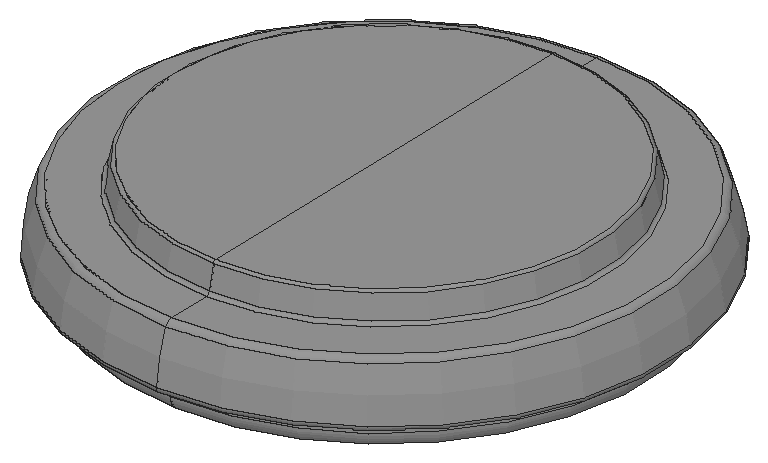
Revit family "FMK11_63_UN_Surface-mounted_ETK", category Lighting Fixtures, Revit 2017 (continued)
Definition of nested family "FMK.1 - Lightsource"
  Parameters (values of type "FMK.1109.10 - Ø250x48 / 12W")
      99.0916\r\n186.1571\t173.2273\t160.3064\t147.3979\t134.5054\t133.8004\t26.4433\t0\t0\t0\r\n0\t0\t0\t0\t0\t0\r\n405.3384\t404.7985\t404.2731\t402.9746\t400.9294\t398.9778\t395.1912\t391.2006\t387.1764\t383.1518\r\n379.3503\t373.2478\t366.6736\t360.0872\t353.4808\t347.1016\t338.8269\t329.9717\t321.1259\t312.2733\r\n303.6511\t293.3438\t282.42\t271.4857\t260.561\t249.8768\t237.5346\t224.5982\t211.6601\t198.736\r\n185.8092\t172.8976\t159.9952\t147.0924\t134.208\t131.9549\t19.0178\t0\t0\t0\r\n0\t0\t0\t0\t0\t0\r\n405.3384\t404.775\t404.2417\t402.941\t400.8877\t398.9141\t395.0686\t391.0953\t387.0939\t383.0703\r\n379.2465\t373.03\t366.4888\t359.9216\t353.3431\t346.971\t338.5451\t329.7328\t320.92\t312.0934\r\n303.4848\t293.0109\t282.1221\t271.2145\t260.3152\t249.6258\t237.1217\t224.202\t211.2903\t198.3835\r\n185.4706\t172.5647\t159.66\t146.7717\t133.8799\t129.6163\t13.1927\t0\t0\t0\r\n0\t0\t0\t0\t0\t0\r\n405.3384\t404.7527\t404.2068\t402.9019\t400.8767\t398.8558\t394.9637\t390.9782\t387.0011\t382.9988\r\n379.1382\t372.8305\t366.3205\t359.7944\t353.2392\t346.8416\t338.2971\t329.4929\t320.6819\t311.8859\r\n303.2565\t292.6827\t281.8284\t270.9715\t260.0963\t249.3876\t236.7404\t223.8309\t210.924\t198.0301\r\n185.1227\t172.2345\t159.3412\t146.4511\t133.5636\t127.1408\t8.7076\t0\t0\t0\r\n0\t0\t0\t0\t0\t0\r\n405.3384\t404.7317\t404.1685\t402.8573\t400.8341\t398.8203\t394.8729\t390.882\t386.8997\t382.9031\r\n379.0139\t372.6472\t366.1376\t359.6334\t353.1356\t346.7285\t338.0975\t329.2976\t320.4978\t311.7082\r\n303.0442\t292.3608\t281.5086\t270.6653\t259.8241\t249.1051\t236.3739\t223.483\t210.5936\t197.696\r\n184.8022\t171.9214\t159.0318\t146.1423\t133.2543\t124.7431\t5.3342\t0\t0\t0\r\n0\t0\t0\t0\t0\t0\r\n405.3384\t404.7118\t404.0854\t402.8071\t400.7827\t398.7607\t394.8082\t390.8197\t386.8117\t382.8145\r\n378.8745\t372.4566\t365.9558\t359.4647\t352.9636\t346.5217\t337.8337\t329.0692\t320.2987\t311.5096\r\n302.8013\t292.0593\t281.2296\t270.4093\t259.5758\t248.8064\t236.0021\t223.1017\t210.2133\t197.3263\r\n184.4407\t171.5452\t158.6583\t145.7732\t132.8917\t122.5723\t2.8944\t0\t0\t0\r\n0\t0\t0\t0\t0\t0\r\n405.3384\t404.6932\t404.0473\t402.7226\t400.7224\t398.6915\t394.7212\t390.7363\t386.7361\t382.7442\r\n378.7775\t372.3101\t365.7992\t359.3066\t352.8016\t346.3302\t337.6023\t328.8394\t320.0728\t311.2958\r\n302.561\t291.776\t280.951\t270.126\t259.3004\t248.5209\t235.6594\t222.7723\t209.8851\t196.9978\r\n184.1099\t171.2248\t158.3346\t145.4546\t132.5648\t120.8445\t1.2522\t0\t0\t0\r\n0\t0\t0\t0\t0\t0\r\n405.3384\t404.6757\t404.0125\t402.6704\t400.6365\t398.604\t394.6163\t390.6263\t386.6347\t382.642\r\n378.653\t372.1631\t365.664\t359.1642\t352.6514\t346.1579\t337.4057\t328.6338\t319.8737\t311.0997\r\n302.337\t291.5239\t280.7001\t269.8776\t259.0436\t248.2362\t235.3595\t222.4683\t209.58\t196.6886\r\n183.7994\t170.9097\t158.0181\t145.1276\t132.2357\t119.6415\t0.3076\t0\t0\t0\r\n0\t0\t0\t0\t0\t0\r\n405.3384\t404.6596\t403.9806\t402.6229\t400.5746\t398.5262\t394.5231\t390.5201\t386.5171\t382.514\r\n378.4993\t372.003\t365.4952\t358.999\t352.4911\t345.9949\t337.2046\t328.4142\t319.6239\t310.8453\r\n302.055\t291.2397\t280.4128\t269.5975\t258.7705\t247.9552\t235.0564\t222.1578\t209.2708\t196.372\r\n183.485\t170.5863\t157.6875\t144.8005\t131.9018\t119.0148\t0\t0\t0\t0\r\n0\t0\t0\t0\t0\t0\r\n405.3384\t404.6446\t403.952\t402.5799\t400.516\t398.4496\t394.4362\t390.4167\t386.393\t382.3765\r\n378.3639\t371.8594\t365.3463\t358.8345\t352.3221\t345.8186\t337.0218\t328.2282\t319.4233\t310.6293\r\n301.8361\t291.0019\t280.1697\t269.3256\t258.4827\t247.6533\t234.7581\t221.854\t208.9473\t196.0427\r\n183.1396\t170.2368\t157.3331\t144.4306\t131.5295\t118.923\t0.3058\t0\t0\t0\r\n0\t0\t0\t0\t0\t0\r\n405.3384\t404.6311\t403.9266\t402.5417\t400.4513\t398.3517\t394.3448\t390.3139\t386.2918\t382.2534\r\n378.238\t371.7358\t365.2058\t358.6709\t352.1332\t345.6284\t336.8455\t328.0252\t319.2071\t310.3886\r\n301.6022\t290.7741\t279.9105\t269.0599\t258.1993\t247.3735\t234.4901\t221.5727\t208.655\t195.7516\r\n182.8364\t169.9224\t157.0186\t144.1096\t131.2095\t119.4546\t1.2376\t0\t0\t0\r\n0\t0\t0\t0\t0\t0\r\n405.3384\t404.6189\t403.9044\t402.5099\t400.4048\t398.3042\t394.3046\t390.2607\t386.2346\t382.1535\r\n378.1197\t371.6271\t365.0667\t358.4953\t351.9348\t345.4342\t336.6778\t327.8251\t318.988\t310.1383\r\n301.3588\t290.557\t279.6705\t268.7827\t257.8964\t247.0828\t234.2295\t221.3067\t208.3745\t195.4454\r\n182.519\t169.6057\t156.6841\t143.7663\t130.8565\t120.461\t2.8438\t0\t0\t0\r\n0\t0\t0\t0\t0\t0\r\n405.3384\t404.608\t403.906\t402.4809\t400.3686\t398.2825\t394.3364\t390.2509\t386.1403\t382.0139\r\n377.9719\t371.5145\t364.9316\t358.3331\t351.741\t345.2569\t336.5322\t327.65\t318.7717\t309.893\r\n301.122\t290.3538\t279.4296\t268.5063\t257.6005\t246.812\t234.0133\t221.0577\t208.1226\t195.1708\r\n182.233\t169.2892\t156.3621\t143.428\t130.5101\t121.8491\t5.2081\t0\t0\t0\r\n0\t0\t0\t0\t0\t0\r\n405.3384\t404.5983\t403.8876\t402.4562\t400.3424\t398.3285\t394.312\t390.1748\t386.0001\t381.8499\r\n377.8465\t371.4423\t364.8155\t358.179\t351.5314\t345.0554\t336.4015\t327.4708\t318.5324\t309.5879\r\n300.8096\t290.1067\t279.1611\t268.2305\t257.289\t246.5037\t233.7899\t220.8066\t207.8411\t194.873\r\n181.9286\t168.9735\t156.0235\t143.0925\t130.1555\t123.4873\t8.4517\t0\t0\t0\r\n0\t0\t0\t0\t0\t0\r\n405.3384\t404.5901\t403.8694\t402.4354\t400.3632\t398.2964\t394.2634\t390.0534\t385.8948\t381.7277\r\n377.7335\t371.3662\t364.6894\t358.0074\t351.3178\t344.8397\t336.2562\t327.2573\t318.2671\t309.292\r\n300.5434\t289.9663\t278.9733\t267.9846\t257.0011\t246.2424\t233.6423\t220.6376\t207.6416\t194.6527\r\n181.66\t168.6794\t155.7053\t142.752\t129.7991\t125.1546\t12.7273\t0\t0\t0\r\n0\t0\t0\t0\t0\t0\r\n405.3384\t404.5832\t403.8511\t402.4184\t400.3294\t398.2373\t394.1753\t389.9932\t385.8207\t381.5858\r\n377.5585\t371.29\t364.5766\t357.8427\t351.0774\t344.5671\t336.1252\t327.126\t318.0989\t309.0717\r\n300.2725\t289.8361\t278.7856\t267.7468\t256.7121\t245.9428\t233.5014\t220.4496\t207.42\t194.3931\r\n181.3835\t168.3751\t155.3885\t142.4223\t129.4696\t126.6674\t18.2327\t0\t0\t0\r\n0\t0\t0\t0\t0\t0\r\n405.3384\t404.6161\t403.833\t402.4338\t400.2812\t398.117\t394.1504\t389.9734\t385.7276\t381.4258\r\n377.3816\t371.2392\t364.4718\t357.6674\t350.8628\t344.3271\t336.3727\t327.0146\t317.9224\t308.8102\r\n299.6801\t289.9237\t278.5829\t267.4993\t256.4203\t245.3261\t233.5789\t220.2411\t207.1712\t194.1138\r\n181.0807\t168.0584\t155.0612\t142.0858\t129.1328\t127.7426\t25.2025\t0\t0\t0\r\n0\t0\t0\t0\t0\t0\r\n405.3384\t404.6105\t403.8147\t402.4101\t400.2194\t398.0503\t394.1642\t389.934\t385.6217\t381.2896\r\n377.1953\t371.2003\t364.3795\t357.5497\t350.6777\t343.7901\t336.3331\t326.9098\t317.7336\t308.5378\r\n299.3341\t289.7717\t278.414\t267.2406\t256.0784\t244.9306\t233.4048\t220.0844\t206.987\t193.9063\r\n180.8452\t167.8011\t154.7799\t141.7801\t128.7982\t128.0121\t33.8934\t0\t0\t0\r\n0\t0\t0\t0\t0\t0\r\n405.3384\t404.605\t403.7961\t402.3797\t400.115\t397.9929\t394.1749\t389.882\t385.5568\t381.1715\r\n376.6631\t371.4951\t364.3355\t357.4079\t350.4678\t343.5064\t336.2424\t326.8117\t317.5627\t308.2892\r\n298.9902\t289.5725\t278.2428\t267.0234\t255.8103\t244.5868\t233.2271\t219.9634\t206.8227\t193.6957\r\n180.6021\t167.5443\t154.4957\t141.4702\t128.4705\t115.505\t70.026\t0\t0\t0\r\n0\t0\t0\t0\t0\t0\r\n405.3384\t404.5994\t403.7772\t402.343\t400.0582\t397.9547\t394.1952\t389.8748\t385.5291\t380.979\r\n376.4372\t371.47\t364.2569\t357.2705\t350.2636\t343.2284\t336.1012\t326.741\t317.3967\t308.0368\r\n298.6712\t289.3725\t278.1474\t266.8135\t255.5191\t244.2436\t233.0342\t219.8906\t206.6977\t193.5207\r\n180.3828\t167.2783\t154.2217\t141.1824\t128.1722\t115.1956\t80.4414\t0\t0\t0\r\n0\t0\t0\t0\t0\t0\r\n405.3384\t404.594\t403.7665\t402.3007\t400.0104\t397.8946\t394.467\t389.9452\t385.4255\t380.805\r\n376.2179\t371.3573\t364.2027\t357.1507\t350.0679\t342.9438\t335.905\t326.68\t317.25\t307.8176\r\n298.3724\t289.0673\t278.0222\t266.6515\t255.3003\t243.9401\t232.7582\t219.8133\t206.5867\t193.3789\r\n180.2056\t167.0687\t153.966\t140.8994\t127.8726\t114.8827\t90.1164\t0\t0\t0\r\n0\t0\t0\t0\t0\t0\r\n405.3384\t404.5889\t403.7442\t402.2253\t399.9717\t397.8259\t394.5256\t389.9394\t385.2649\t380.6538\r\n375.9641\t371.2248\t364.1789\t357.067\t349.8977\t342.6677\t335.6288\t326.6532\t317.1531\t307.6244\r\n298.0542\t288.478\t278.2469\t266.5399\t255.0597\t243.6182\t232.4332\t219.7955\t206.4902\t193.2133\r\n180.0012\t166.821\t153.6857\t140.5957\t127.5588\t114.5661\t98.6146\t0\t0\t0\r\n0\t0\t0\t0\t0\t0\r\n405.3384\t404.5838\t403.7204\t402.1836\t399.9493\t397.495\t394.6576\t389.8387\t385.1686\t380.5014\r\n375.729\t371.0605\t364.1878\t357.0066\t349.7365\t342.3831\t334.9798\t326.9611\t317.1042\t307.4527\r\n297.7974\t288.1146\t278.1369\t266.4125\t254.8729\t243.3316\t231.7822\t219.9393\t206.403\t193.0914\r\n179.8299\t166.6203\t153.466\t140.3518\t127.2713\t114.2585\t105.3682\t0\t0\t0\r\n0\t0\t0\t0\t0\t0\r\n405.3384\t404.579\t403.6953\t402.1453\t400.0044\t397.4328\t394.6846\t389.7831\t385.1052\t380.3588\r\n375.5172\t370.8454\t364.2472\t356.9647\t349.5864\t342.1389\t334.6459\t326.9338\t317.0698\t307.3364\r\n297.5463\t287.7394\t277.9639\t266.3589\t254.7041\t243.037\t231.404\t219.803\t206.3799\t193.0247\r\n179.6747\t166.415\t153.2216\t140.0873\t127.0126\t113.9921\t109.8199\t9.0426\t0\t0\r\n0\t0\t0\t0\t0\t0\r\n405.3384\t404.5744\t403.6691\t402.1103\t399.9781\t397.3776\t394.6495\t389.7577\t385.0555\t380.2439\r\n375.3168\t370.2787\t364.5973\t356.9471\t349.4699\t341.9308\t334.3338\t326.7694\t317.1018\t307.2337\r\n297.342\t287.4211\t277.6928\t266.3301\t254.5511\t242.8085\t231.0731\t219.5536\t206.3499\t192.9347\r\n179.5687\t166.2649\t153.016\t139.8234\t126.726\t113.6905\t111.2803\t21.7073\t0\t0\r\n0\t0\t0\t0\t0\t0\r\n405.3384\t404.57\t403.6421\t402.0785\t399.9533\t397.3665\t394.4977\t389.7642\t385.0355\t380.1533\r\n375.1312\t370.0104\t364.5699\t356.9602\t349.3932\t341.7532\t334.0283\t326.4707\t317.1654\t307.1994\r\n297.1718\t287.133\t277.0299\t266.5617\t254.4718\t242.5962\t230.7316\t218.9364\t206.6337\t192.9105\r\n179.4434\t166.087\t152.7988\t139.6068\t126.4833\t113.4569\t100.4945\t60.079\t0\t0\r\n0\t0\t0\t0\t0\t0\r\n405.3384\t404.5661\t403.6144\t402.0512\t399.9354\t397.2997\t394.4018\t389.8025\t385.0322\t380.0745\r\n374.9814\t369.7443\t364.4545\t357.0142\t349.3678\t341.6146\t333.7412\t325.8005\t317.4989\t307.1996\r\n297.0754\t286.8649\t276.6591\t266.3928\t254.4188\t242.4545\t230.4861\t218.5355\t206.5242\t192.8964\r\n179.3794\t165.9637\t152.639\t139.4008\t126.2545\t113.2052\t100.2394\t75.4175\t0\t0\r\n0\t0\t0\t0\t0\t0\r\n405.3384\t404.5625\t403.5863\t402.0218\t399.9104\t397.2171\t394.3045\t389.8927\t385.0511\t380.0149\r\n374.8455\t369.4904\t364.2419\t357.1219\t349.384\t341.4901\t333.5186\t325.4314\t317.3612\t307.2899\r\n297.0022\t286.6805\t276.276\t266.1102\t254.4772\t242.3425\t230.2194\t218.174\t206.3008\t192.9174\r\n179.3579\t165.8762\t152.4972\t139.2127\t126.0328\t112.9621\t100.0093\t87.0551\t0\t0\r\n0\t0\t0\t0\t0\t0\r\n405.3384\t404.5593\t403.5488\t401.9935\t399.8835\t397.1246\t394.2037\t390.2303\t385.0913\t379.9896\r\n374.7291\t369.2488\t363.6276\t357.5035\t349.4258\t341.4412\t333.3238\t325.0865\t317.0691\t307.6993\r\n297.0161\t286.5013\t276.02\t265.4718\t254.6844\t242.2835\t230.06\t217.8462\t205.7159\t193.2069\r\n179.3627\t165.7938\t152.3453\t139.0419\t125.8422\t112.7623\t99.7796\t94.113\t0.6105\t0\r\n0\t0\t0\t0\t0\t0\r\n405.3384\t404.5567\t403.4347\t401.9663\t399.8542\t396.9916\t393.8623\t390.3025\t385.1493\t379.9968\r\n374.6293\t369.0482\t363.3058\t357.4798\t349.5307\t341.4245\t333.1708\t324.8183\t316.3472\t307.7332\r\n297.0531\t286.4824\t275.7917\t265.0603\t254.4821\t242.3206\t229.9441\t217.6132\t205.3254\t193.1091\r\n179.3748\t165.764\t152.2793\t138.8941\t125.6464\t112.5384\t99.5694\t86.7243\t14.0692\t0\r\n0\t0\t0\t0\t0\t0\r\n405.3384\t404.5544\t403.4109\t401.9397\t399.8279\t396.9235\t393.766\t390.3402\t385.2395\t380.0227\r\n374.5426\t368.8806\t363.0291\t357.2464\t350.0081\t341.4712\t333.0914\t324.5758\t315.9704\t307.4474\r\n297.2703\t286.4865\t275.6403\t264.756\t253.843\t242.607\t229.9008\t217.4057\t204.9789\t192.7969\r\n179.4987\t165.7588\t152.175\t138.7541\t125.4881\t112.3504\t99.3709\t86.5437\t51.9517\t0\r\n0\t0\t0\t0\t0\t0\r\n405.3384\t404.5528\t403.3896\t401.9136\t399.7913\t396.957\t393.6984\t390.3419\t385.3606\t380.0818\r\n374.5\t368.7496\t362.7919\t356.6028\t350.0626\t341.5854\t333.0658\t324.4216\t315.6059\t306.7421\r\n297.6344\t286.5955\t275.5812\t264.5172\t253.4454\t242.4387\t229.9497\t217.306\t204.7451\t192.2166\r\n179.6744\t165.7968\t152.1564\t138.646\t125.329\t112.1759\t99.1985\t86.3772\t68.9502\t0\r\n0\t0\t0\t0\t0\t0\r\n405.3384\t404.5516\t403.3711\t401.8875\t399.7527\t396.9277\t393.6298\t390.2999\t385.7547\t380.1611\r\n374.5012\t368.6583\t362.5687\t356.2748\t349.9304\t341.7568\t333.1054\t324.2991\t315.3601\t306.3451\r\n297.4021\t286.7961\t275.6181\t264.4085\t253.1166\t241.8373\t230.2463\t217.3133\t204.529\t191.8469\r\n179.4606\t165.8616\t152.1382\t138.5889\t125.1903\t112.0098\t99.0178\t86.2149\t79.0059\t0\r\n0\t0\t0\t0\t0\t0\r\n405.3384\t404.5303\t403.3553\t401.8645\t399.7131\t396.9209\t393.5723\t390.1989\t385.8711\t380.2535\r\n374.5458\t368.6079\t362.4015\t355.9658\t349.3036\t342.1689\t333.2403\t324.278\t315.2144\t305.9895\r\n296.6392\t287.1356\t275.8011\t264.3885\t252.9357\t241.4441\t230.1178\t217.3521\t204.4354\t191.5936\r\n178.8542\t166.1287\t152.1585\t138.5008\t125.0791\t111.8622\t98.8722\t86.0895\t73.5113\t5.8064\r\n0\t0\t0\t0\t0\t0\r\n405.3384\t404.5303\t403.3424\t401.8359\t399.6738\t396.904\t393.5271\t389.8272\t385.9412\t380.4009\r\n374.6452\t368.602\t362.2897\t355.7113\t348.9026\t342.0438\t333.4533\t324.356\t315.1404\t305.736\r\n296.21\t286.8176\t276.3248\t264.5084\t252.8679\t241.1993\t229.4494\t217.6364\t204.4484\t191.4377\r\n178.5308\t165.8585\t152.2347\t138.4866\t125.0067\t111.7492\t98.7341\t85.9681\t73.4427\t41.0177\r\n0\t0\t0\t0\t0\t0\r\n405.3384\t404.5314\t403.3323\t401.8066\t399.6355\t396.8882\t393.4998\t389.7256\t385.9264\t380.8323\r\n374.7825\t368.6476\t362.2247\t355.5179\t348.5777\t341.3716\t333.8428\t324.5619\t315.1649\t305.6139\r\n295.8944\t286.068\t276.276\t264.795\t252.9611\t241.028\t229.1012\t217.1796\t204.5856\t191.3702\r\n178.2755\t165.3108\t152.4401\t138.5329\t124.9629\t111.6537\t98.6364\t85.8681\t73.3923\t59.4422\r\n0\t0\t0\t0\t0\t0\r\n405.3384\t404.5334\t403.3254\t401.7768\t399.5834\t396.8724\t393.5563\t389.6813\t385.8296\t380.9686\r\n374.9634\t368.7467\t362.223\t355.3988\t348.3247\t340.9663\t333.6105\t325.0909\t315.3013\t305.5958\r\n295.7167\t285.6879\t275.5196\t265.2641\t253.1643\t241.0284\t228.9013\t216.7619\t204.7197\t191.4431\r\n178.1426\t165.025\t152.054\t138.6238\t124.949\t111.5808\t98.5317\t85.7999\t73.3521\t67.4468\r\n0\t0\t0\t0\t0\t0\r\n405.3384\t404.5367\t403.3213\t401.747\t399.553\t396.8551\t393.5253\t389.642\t385.4196\t381.0143\r\n375.4341\t368.8936\t362.2811\t355.3633\t348.149\t340.6463\t332.8952\t325.0567\t315.6054\t305.7209\r\n295.6694\t285.4283\t275.0861\t264.6206\t253.7214\t241.2356\t228.8857\t216.5051\t204.1542\t191.7482\r\n178.1912\t164.8347\t151.6841\t138.7372\t124.9638\t111.5467\t98.4431\t85.7156\t73.3308\t61.2799\r\n6.6224\t0\t0\t0\t0\t0\r\n405.3384\t404.541\t403.3206\t401.7173\t399.5263\t396.8348\t393.4891\t389.6228\t385.3035\t380.9705\r\n375.6064\t369.1065\t362.3871\t355.4019\t348.059\t340.4189\t332.5297\t324.353\t315.9992\t306.0013\r\n295.7691\t285.3359\t274.8118\t264.0762\t253.4617\t241.8475\t229.0559\t216.4579\t203.8582\t191.3277\r\n178.4886\t164.7975\t151.4218\t138.2923\t125.0643\t111.5119\t98.3871\t85.6566\t73.3292\t61.3845\r\n41.3401\t0\t0\t0\t0\t0\r\n405.3384\t404.7046\t403.3351\t401.6085\t399.5025\t396.8106\t393.4101\t389.6964\t385.2267\t380.5909\r\n375.6608\t369.6146\t362.5887\t355.5216\t348.0628\t340.3035\t332.2796\t323.9612\t315.3815\t306.4951\r\n296.0045\t285.4293\t274.6916\t263.7186\t252.6951\t241.7657\t229.4357\t216.6186\t203.7814\t190.9543\r\n178.3774\t164.9054\t151.3423\t137.993\t125.0188\t111.5486\t98.3549\t85.6161\t73.3518\t61.5005\r\n54.5145\t0\t0\t0\t0\t0\r\n405.3384\t404.7094\t403.3409\t401.5892\t399.4806\t396.7853\t393.3861\t389.647\t385.1911\t380.4752\r\n375.5799\t369.7733\t362.8838\t355.7241\t348.1677\t340.311\t332.135\t323.6844\t314.9275\t305.9445\r\n296.5192\t285.7241\t274.7325\t263.6059\t252.3232\t240.938\t229.682\t217.0354\t203.8964\t190.8667\r\n177.8483\t165.1045\t151.4128\t137.8197\t124.5862\t111.6542\t98.3596\t85.6026\t73.3081\t61.567\r\n50.2719\t0\t0\t0\t0\t0\r\n405.3384\t404.7141\t403.3495\t401.5769\t399.4597\t396.7589\t393.3787\t389.6141\t385.2819\t380.3954\r\n375.1982\t369.7519\t363.3915\t356.0194\t348.3778\t340.4279\t332.1175\t323.54\t314.6307\t305.4612\r\n295.9656\t286.2757\t275.0119\t263.7288\t252.2133\t240.5678\t228.8725\t217.2219\t204.3601\t191.0024\r\n177.7549\t164.5951\t151.6169\t137.856\t124.3917\t111.3335\t98.3751\t85.5165\t73.2932\t61.597\r\n50.4839\t26.8985\t0\t0\t0\t0\r\n405.3384\t404.7188\t403.3611\t401.5899\t399.4393\t396.7318\t393.3783\t389.5778\t385.2799\t380.4048\r\n375.1029\t369.354\t363.4329\t356.5509\t348.7107\t340.6772\t332.2579\t323.5399\t314.5046\t305.1188\r\n295.5188\t285.63\t275.5222\t264.0384\t252.342\t240.479\t228.5121\t216.4262\t204.4988\t191.6613\r\n177.9175\t164.4704\t151.1862\t138.14\t124.3921\t111.0641\t98.3014\t85.4755\t73.1886\t61.5768\r\n50.6169\t43.8035\t0\t0\t0\t0\r\n405.3384\t404.7234\t403.3758\t401.5932\t399.3558\t396.7043\t393.383\t389.5381\t385.271\t380.3873\r\n375.0389\t369.2482\t363.0412\t356.6073\t349.2775\t341.0511\t332.5546\t323.7019\t314.5615\t305.0088\r\n295.2657\t285.1407\t274.8439\t264.3864\t252.9603\t240.7003\t228.4626\t216.1193\t203.7058\t191.2839\r\n178.5866\t164.7027\t151.1153\t137.7422\t124.6359\t111.0334\t97.9491\t85.3922\t73.0802\t61.4885\r\n50.6435\t40.5048\t0\t0\t0\t0\r\n405.3384\t404.7278\t403.3938\t401.6032\t399.3484\t396.6726\t393.3886\t389.4997\t385.2549\t380.3738\r\n375.1114\t369.2206\t362.9224\t356.2011\t349.3184\t341.6044\t333.2293\t324.0355\t314.7893\t305.1249\r\n295.2219\t284.9551\t274.4342\t263.6396\t252.6034\t241.2841\t228.7342\t216.1549\t203.4536\t190.7548\r\n178.0519\t165.358\t151.3808\t137.7373\t124.3116\t111.2524\t97.8365\t85.0967\t72.89\t61.3103\r\n50.5893\t40.6649\t9.0488\t0\t0\t0\r\n405.3384\t404.7319\t403.4151\t401.6204\t399.3511\t396.567\t393.4076\t389.4614\t385.2324\t380.3628\r\n375.0971\t369
